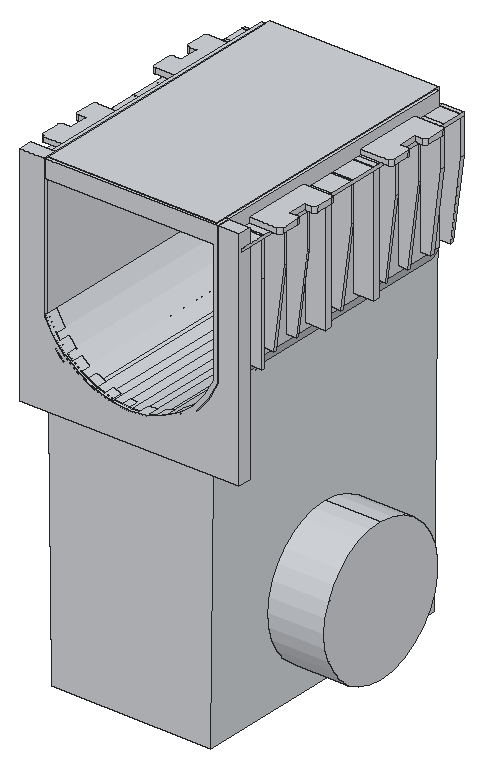
Revit family "SC", category Plumbing Fixtures, Revit 2020
Family settings
  Round Connector Dimension = Use Diameter
  Part Type = Normal
  Work Plane-Based = No
  Always vertical = Yes
  Cut with Voids When Loaded = No
  Shared = No
  Room Calculation Point = No
Parameters
  URL = "www.siouxchief.com"
  Model = "865-TNCB"
  Manufacturer = "Sioux Chief Manufacturing"
  Description = "Half-Meter catch basin"
  Default Elevation = 0' - 0"
Reference planes (in)
  plane 1 "Center (Front/Back)": y = 0
  plane 2: z = 0
  plane 3 "Center (Left/Right)": x = 0
  plane 4: z = 33.5
Forms (in)
  Extrusion 1, solid
    sketch origin (72.72874, -9.845, 92.82175) x (-1, 0, 0) y (0, 0, 1)
      loop
        line (78.43789, -92.82175) -> (78.72874, -69.3094) -> (78.72874, -60.57175) -> (80.48725, -60.57175) -> (80.48725, -60.32175) -> (78.72874, -60.32175) -> (78.72874, -59.32175) -> (66.72874, -59.32175) -> (66.72874, -60.32175) -> (64.97024, -60.32175) -> (64.97024, -60.57175) -> (66.72874, -60.57175) -> (67.11023, -92.82175) -> (78.43789, -92.82175)
    from 0 to 19.7
  Extrusion 2, solid
    sketch origin (18.95376, -10.095, 92.15229) x (-1, 0, 0) y (0, 0, 1)
      loop
        line (11.20376, -58.65229) -> (11.20376, -74.65229) -> (26.70376, -74.65229) -> (26.70376, -58.65229) -> (11.20376, -58.65229)
    from 0 to 1
  Extrusion 3, void
    sketch origin (-19.05518, 11, 92.3846) x (1, 0, 0) y (0, 0, 1)
      loop
        line (25.03955, -60.10335) -> (13.0708, -60.10335) -> (13.0708, -68.78376)
        arc (13.0708, -68.78376) -> (19.05518, -72.78704) -> (25.03955, -68.78376) r 6.47457
        line (25.03955, -68.78376) -> (25.03955, -60.10335)
    from 1.95981 to 22
  Extrusion 4, solid
    sketch origin (109.92399, 29.305, 168.42413) x (1, 0, 0) y (0, 0, 1)
      loop
        line (-116.16852, -134.92413) -> (-116.16852, -144.92413)
        arc (-116.16852, -144.92413) -> (-109.91852, -149.23507) -> (-103.66852, -144.92413) r 6.68609
        line (-103.66852, -144.92413) -> (-103.66852, -134.92413) -> (-103.91852, -134.92413) -> (-103.91852, -144.92413)
        arc (-103.91852, -144.92413) -> (-109.91852, -148.82656) -> (-115.91852, -144.92413) r 6.56373
        line (-115.91852, -144.92413) -> (-115.91852, -134.92413) -> (-116.16852, -134.92413)
    from 19.80701 to 39.4
  Extrusion 5, solid
    sketch origin (-3.74453, -1.875, -0.5) x (1, 0, 0) y (0, 0, 1)
      loop
        line (10, 33) -> (10, 24.5) -> (11.49453, 24.5) -> (11.49453, 33) -> (10, 33)
    from 0 to 0.5
  Extrusion 6, solid
    sketch origin (-3.74453, -7.875, -0.5) x (1, 0, 0) y (0, 0, 1)
      loop
        line (10, 33) -> (10, 24.5) -> (11.49453, 24.5) -> (11.49453, 30.25) -> (11.49453, 33) -> (10, 33)
    from 0 to 0.125
  Extrusion 7, solid
    sketch origin (-3.74453, 2.375, -0.5) x (1, 0, 0) y (0, 0, 1)
      loop
        line (10, 33) -> (10, 24.5) -> (11.49453, 24.5) -> (11.49453, 33) -> (10, 33)
    from 0 to 0.5
  Extrusion 8, solid
    sketch origin (-3.74453, -3.875, -0.5) x (1, 0, 0) y (0, 0, 1)
      loop
        line (10, 33) -> (10, 24.5) -> (10.75, 24.5) -> (11.50304, 30.31566) -> (11.50304, 33) -> (10, 33)
    from 0 to 0.125
  Extrusion 9, solid
    sketch origin (-3.74453, -5.875, -0.5) x (1, 0, 0) y (0, 0, 1)
      loop
        line (10, 33) -> (10, 24.5) -> (10.75, 24.5) -> (11.49453, 30.25) -> (11.49453, 33) -> (10, 33)
    from 0 to 0.125
  Extrusion 10, solid
    sketch origin (-3.74453, 0.0625, -0.5) x (1, 0, 0) y (0, 0, 1)
      loop
        line (10, 33) -> (10, 24.5) -> (10.75, 24.5) -> (11.49453, 30.25) -> (11.49453, 33) -> (10, 33)
    from 0 to 0.125
  Extrusion 11, solid
    sketch origin (-3.74453, 7.875, -0.5) x (1, 0, 0) y (0, 0, -1)
      loop
        line (10, -33) -> (11.49453, -33) -> (11.49453, -30.25) -> (10.75, -24.5) -> (10, -24.5) -> (10, -33)
    from 0 to 0.25
  Extrusion 12, solid
    sketch origin (-3.74453, 3.875, -0.5) x (1, 0, 0) y (0, 0, -1)
      loop
        line (10, -33) -> (11.50304, -33) -> (11.50304, -30.31566) -> (10.75, -24.5) -> (10, -24.5) -> (10, -33)
    from 0 to 0.125
  Extrusion 13, solid
    sketch origin (-3.74453, 5.875, -0.5) x (1, 0, 0) y (0, 0, -1)
      loop
        line (10, -33) -> (11.50304, -33) -> (11.50304, -30.31566) -> (10.75, -24.5) -> (10, -24.5) -> (10, -33)
    from 0 to 0.125
  Extrusion 14, solid
    sketch origin (3.74453, -1.875, -0.5) x (-1, 0, 0) y (0, 0, -1)
      loop
        line (10, -33) -> (11.49453, -33) -> (11.49453, -24.5) -> (10, -24.5) -> (10, -33)
    from 0 to 0.5
  Extrusion 15, solid
    sketch origin (3.74453, -7.875, -0.5) x (-1, 0, 0) y (0, 0, -1)
      loop
        line (10, -33) -> (11.49453, -33) -> (11.49453, -30.25) -> (11.49453, -24.5) -> (10, -24.5) -> (10, -33)
    from 0 to 0.125
  Extrusion 16, solid
    sketch origin (3.74453, 2.375, -0.5) x (-1, 0, 0) y (0, 0, -1)
      loop
        line (10, -33) -> (11.49453, -33) -> (11.49453, -24.5) -> (10, -24.5) -> (10, -33)
    from 0 to 0.5
  Extrusion 17, solid
    sketch origin (3.74453, -3.875, -0.5) x (-1, 0, 0) y (0, 0, -1)
      loop
        line (10, -33) -> (11.50304, -33) -> (11.50304, -30.31566) -> (10.75, -24.5) -> (10, -24.5) -> (10, -33)
    from 0 to 0.125
  Extrusion 18, solid
    sketch origin (3.74453, -5.875, -0.5) x (-1, 0, 0) y (0, 0, -1)
      loop
        line (10, -33) -> (11.49453, -33) -> (11.49453, -30.25) -> (10.75, -24.5) -> (10, -24.5) -> (10, -33)
    from 0 to 0.125
  Extrusion 19, solid
    sketch origin (3.74453, 0.0625, -0.5) x (-1, 0, 0) y (0, 0, -1)
      loop
        line (10, -33) -> (11.49453, -33) -> (11.49453, -30.25) -> (10.75, -24.5) -> (10, -24.5) -> (10, -33)
    from 0 to 0.125
  Extrusion 20, solid
    sketch origin (3.74453, 7.875, -0.5) x (-1, 0, 0) y (0, 0, 1)
      loop
        line (10, 33) -> (10, 24.5) -> (10.75, 24.5) -> (11.49453, 30.25) -> (11.49453, 33) -> (10, 33)
    from 0 to 0.25
  Extrusion 21, solid
    sketch origin (3.74453, 3.875, -0.5) x (-1, 0, 0) y (0, 0, 1)
      loop
        line (10, 33) -> (10, 24.5) -> (10.75, 24.5) -> (11.50304, 30.31566) -> (11.50304, 33) -> (10, 33)
    from 0 to 0.125
  Extrusion 22, solid
    sketch origin (3.74453, 5.875, -0.5) x (-1, 0, 0) y (0, 0, 1)
      loop
        line (10, 33) -> (10, 24.5) -> (10.75, 24.5) -> (11.50304, 30.31566) -> (11.50304, 33) -> (10, 33)
    from 0 to 0.125
  Extrusion 23, solid
    sketch origin (0, -2.5, 32.5) x (1, 0, 0) y (0, 1, 0)
      loop
        line (6.25547, -0.0625) -> (6.25547, -4.8125) -> (8.25547, -4.8125)
        arc (8.25547, -4.8125) -> (8.43224, -4.73928) -> (8.50547, -4.5625) r 0.25
        line (8.50547, -4.5625) -> (8.50547, -3.3125)
        arc (8.50547, -3.3125) -> (8.43224, -3.13572) -> (8.25547, -3.0625) r 0.25
        line (8.25547, -3.0625) -> (7.75547, -3.0625) -> (7.75547, -1.75) -> (8.25547, -1.75)
        arc (8.25547, -1.75) -> (8.43224, -1.67678) -> (8.50547, -1.5) r 0.25
        line (8.50547, -1.5) -> (8.50547, -0.3125)
        arc (8.50547, -0.3125) -> (8.43224, -0.13572) -> (8.25547, -0.0625) r 0.25
        line (8.25547, -0.0625) -> (6.25547, -0.0625)
    from 0 to 0.375
  Extrusion 24, solid
    sketch origin (0, 2.5, 32.5) x (1, 0, 0) y (0, 1, 0)
      loop
        line (6.25547, 0.0625) -> (8.25547, 0.0625)
        arc (8.25547, 0.0625) -> (8.43224, 0.13572) -> (8.50547, 0.3125) r 0.25
        line (8.50547, 0.3125) -> (8.50547, 1.5)
        arc (8.50547, 1.5) -> (8.43224, 1.67678) -> (8.25547, 1.75) r 0.25
        line (8.25547, 1.75) -> (7.75547, 1.75) -> (7.75547, 3.0625) -> (8.25547, 3.0625)
        arc (8.25547, 3.0625) -> (8.43224, 3.13572) -> (8.50547, 3.3125) r 0.25
        line (8.50547, 3.3125) -> (8.50547, 4.5625)
        arc (8.50547, 4.5625) -> (8.43224, 4.73928) -> (8.25547, 4.8125) r 0.25
        line (8.25547, 4.8125) -> (6.25547, 4.8125) -> (6.25547, 0.0625)
    from 0 to 0.375
  Extrusion 25, solid
    sketch origin (0, -2.5, 32.5) x (-1, 0, 0) y (0, -1, 0)
      loop
        line (6.25547, 0.0625) -> (8.25547, 0.0625)
        arc (8.25547, 0.0625) -> (8.43224, 0.13572) -> (8.50547, 0.3125) r 0.25
        line (8.50547, 0.3125) -> (8.50547, 1.5)
        arc (8.50547, 1.5) -> (8.43224, 1.67678) -> (8.25547, 1.75) r 0.25
        line (8.25547, 1.75) -> (7.75547, 1.75) -> (7.75547, 3.0625) -> (8.25547, 3.0625)
        arc (8.25547, 3.0625) -> (8.43224, 3.13572) -> (8.50547, 3.3125) r 0.25
        line (8.50547, 3.3125) -> (8.50547, 4.5625)
        arc (8.50547, 4.5625) -> (8.43224, 4.73928) -> (8.25547, 4.8125) r 0.25
        line (8.25547, 4.8125) -> (6.25547, 4.8125) -> (6.25547, 0.0625)
    from 0 to 0.375
  Extrusion 26, solid
    sketch origin (0, 2.5, 32.5) x (-1, 0, 0) y (0, -1, 0)
      loop
        line (6.25547, -0.0625) -> (6.25547, -4.8125) -> (8.25547, -4.8125)
        arc (8.25547, -4.8125) -> (8.43224, -4.73928) -> (8.50547, -4.5625) r 0.25
        line (8.50547, -4.5625) -> (8.50547, -3.3125)
        arc (8.50547, -3.3125) -> (8.43224, -3.13572) -> (8.25547, -3.0625) r 0.25
        line (8.25547, -3.0625) -> (7.75547, -3.0625) -> (7.75547, -1.75) -> (8.25547, -1.75)
        arc (8.25547, -1.75) -> (8.43224, -1.67678) -> (8.50547, -1.5) r 0.25
        line (8.50547, -1.5) -> (8.50547, -0.3125)
        arc (8.50547, -0.3125) -> (8.43224, -0.13572) -> (8.25547, -0.0625) r 0.25
        line (8.25547, -0.0625) -> (6.25547, -0.0625)
    from 0 to 0.375
  Extrusion 27, solid
    sketch origin (6, -85.72276, -40.34913) x (0, 0, 1) y (0, -1, 0)
      loop
        circle (46.84913, -85.72276) r 5
    from -6 to 3.75
  Extrusion 28, solid
    sketch origin (-3.74453, 9.605, -0.5) x (1, 0, 0) y (0, 0, -1)
      loop
        line (10, -33) -> (11.49453, -33) -> (11.49453, -30.25) -> (10.75, -24.5) -> (10, -24.5) -> (10, -33)
    from 0 to 0.25
  Extrusion 29, solid
    sketch origin (3.74453, 9.605, -0.5) x (-1, 0, 0) y (0, 0, 1)
      loop
        line (10, 33) -> (10, 24.5) -> (10.75, 24.5) -> (11.49453, 30.25) -> (11.49453, 33) -> (10, 33)
    from 0 to 0.25
Cuts and joins
  Extrusion 3 cuts Extrusion 1
  Extrusion 3 cuts Extrusion 2
  Extrusion 3 cuts Extrusion 4
Lines and regions (in)
  model lines
    curve 1: line (-5.17353, 8.67409, 33.5) -> (-5.17353, 8.82591, 33.5)
    curve 2: line (-0.61103, 9.07591, 33.5) -> (-4.92353, 9.07591, 33.5)
    curve 3: line (-0.61103, 8.42409, 33.5) -> (-4.92353, 8.42409, 33.5)
    curve 4: arc (-5.17353, 8.82591, 33.5) -> (-5.1003, 9.00269, 33.5) -> (-4.92353, 9.07591, 33.5) r 0.25
    curve 5: arc (-5.17353, 8.67409, 33.5) -> (-5.1003, 8.49731, 33.5) -> (-4.92353, 8.42409, 33.5) r 0.25
    curve 6: line (-0.36103, 8.67409, 33.5) -> (-0.36103, 8.82591, 33.5)
    curve 7: arc (-0.36103, 8.82591, 33.5) -> (-0.43425, 9.00269, 33.5) -> (-0.61103, 9.07591, 33.5) r 0.25
    curve 8: arc (-0.36103, 8.67409, 33.5) -> (-0.43425, 8.49731, 33.5) -> (-0.61103, 8.42409, 33.5) r 0.25
    curve 9: line (-5.17353, 7.42409, 33.5) -> (-5.17353, 7.57591, 33.5)
    curve 10: line (-0.61103, 7.82591, 33.5) -> (-4.92353, 7.82591, 33.5)
    curve 11: line (-0.61103, 7.17409, 33.5) -> (-4.92353, 7.17409, 33.5)
    curve 12: arc (-5.17353, 7.57591, 33.5) -> (-5.1003, 7.75269, 33.5) -> (-4.92353, 7.82591, 33.5) r 0.25
    curve 13: arc (-5.17353, 7.42409, 33.5) -> (-5.1003, 7.24731, 33.5) -> (-4.92353, 7.17409, 33.5) r 0.25
    curve 14: line (-0.36103, 7.42409, 33.5) -> (-0.36103, 7.57591, 33.5)
    curve 15: arc (-0.36103, 7.57591, 33.5) -> (-0.43425, 7.75269, 33.5) -> (-0.61103, 7.82591, 33.5) r 0.25
    curve 16: arc (-0.36103, 7.42409, 33.5) -> (-0.43425, 7.24731, 33.5) -> (-0.61103, 7.17409, 33.5) r 0.25
    curve 17: line (-5.17353, 6.17409, 33.5) -> (-5.17353, 6.32591, 33.5)
    curve 18: line (-0.61103, 6.57591, 33.5) -> (-4.92353, 6.57591, 33.5)
    curve 19: line (-0.61103, 5.92409, 33.5) -> (-4.92353, 5.92409, 33.5)
    curve 20: arc (-5.17353, 6.32591, 33.5) -> (-5.1003, 6.50269, 33.5) -> (-4.92353, 6.57591, 33.5) r 0.25
    curve 21: arc (-5.17353, 6.17409, 33.5) -> (-5.1003, 5.99731, 33.5) -> (-4.92353, 5.92409, 33.5) r 0.25
    curve 22: line (-0.36103, 6.17409, 33.5) -> (-0.36103, 6.32591, 33.5)
    curve 23: arc (-0.36103, 6.32591, 33.5) -> (-0.43425, 6.50269, 33.5) -> (-0.61103, 6.57591, 33.5) r 0.25
    curve 24: arc (-0.36103, 6.17409, 33.5) -> (-0.43425, 5.99731, 33.5) -> (-0.61103, 5.92409, 33.5) r 0.25
    curve 25: line (-5.17353, 4.92409, 33.5) -> (-5.17353, 5.07591, 33.5)
    curve 26: line (-0.61103, 5.32591, 33.5) -> (-4.92353, 5.32591, 33.5)
    curve 27: line (-0.61103, 4.67409, 33.5) -> (-4.92353, 4.67409, 33.5)
    curve 28: arc (-5.17353, 5.07591, 33.5) -> (-5.1003, 5.25269, 33.5) -> (-4.92353, 5.32591, 33.5) r 0.25
    curve 29: arc (-5.17353, 4.92409, 33.5) -> (-5.1003, 4.74731, 33.5) -> (-4.92353, 4.67409, 33.5) r 0.25
    curve 30: line (-0.36103, 4.92409, 33.5) -> (-0.36103, 5.07591, 33.5)
    curve 31: arc (-0.36103, 5.07591, 33.5) -> (-0.43425, 5.25269, 33.5) -> (-0.61103, 5.32591, 33.5) r 0.25
    curve 32: arc (-0.36103, 4.92409, 33.5) -> (-0.43425, 4.74731, 33.5) -> (-0.61103, 4.67409, 33.5) r 0.25
    curve 33: line (-5.17353, 3.67409, 33.5) -> (-5.17353, 3.82591, 33.5)
    curve 34: line (-0.61103, 4.07591, 33.5) -> (-4.92353, 4.07591, 33.5)
    curve 35: line (-0.61103, 3.42409, 33.5) -> (-4.92353, 3.42409, 33.5)
    curve 36: arc (-5.17353, 3.82591, 33.5) -> (-5.1003, 4.00269, 33.5) -> (-4.92353, 4.07591, 33.5) r 0.25
    curve 37: arc (-5.17353, 3.67409, 33.5) -> (-5.1003, 3.49731, 33.5) -> (-4.92353, 3.42409, 33.5) r 0.25
    curve 38: line (-0.36103, 3.67409, 33.5) -> (-0.36103, 3.82591, 33.5)
    curve 39: arc (-0.36103, 3.82591, 33.5) -> (-0.43425, 4.00269, 33.5) -> (-0.61103, 4.07591, 33.5) r 0.25
    curve 40: arc (-0.36103, 3.67409, 33.5) -> (-0.43425, 3.49731, 33.5) -> (-0.61103, 3.42409, 33.5) r 0.25
    curve 41: line (-5.17353, 2.42409, 33.5) -> (-5.17353, 2.57591, 33.5)
    curve 42: line (-0.61103, 2.82591, 33.5) -> (-4.92353, 2.82591, 33.5)
    curve 43: line (-0.61103, 2.17409, 33.5) -> (-4.92353, 2.17409, 33.5)
    curve 44: arc (-5.17353, 2.57591, 33.5) -> (-5.1003, 2.75269, 33.5) -> (-4.92353, 2.82591, 33.5) r 0.25
    curve 45: arc (-5.17353, 2.42409, 33.5) -> (-5.1003, 2.24731, 33.5) -> (-4.92353, 2.17409, 33.5) r 0.25
    curve 46: line (-0.36103, 2.42409, 33.5) -> (-0.36103, 2.57591, 33.5)
    curve 47: arc (-0.36103, 2.57591, 33.5) -> (-0.43425, 2.75269, 33.5) -> (-0.61103, 2.82591, 33.5) r 0.25
    curve 48: arc (-0.36103, 2.42409, 33.5) -> (-0.43425, 2.24731, 33.5) -> (-0.61103, 2.17409, 33.5) r 0.25
    curve 49: line (-5.17353, 1.17409, 33.5) -> (-5.17353, 1.32591, 33.5)
    curve 50: line (-0.61103, 1.57591, 33.5) -> (-4.92353, 1.57591, 33.5)
    curve 51: line (-0.61103, 0.92409, 33.5) -> (-4.92353, 0.92409, 33.5)
    curve 52: arc (-5.17353, 1.32591, 33.5) -> (-5.1003, 1.50269, 33.5) -> (-4.92353, 1.57591, 33.5) r 0.25
    curve 53: arc (-5.17353, 1.17409, 33.5) -> (-5.1003, 0.99731, 33.5) -> (-4.92353, 0.92409, 33.5) r 0.25
    curve 54: line (-0.36103, 1.17409, 33.5) -> (-0.36103, 1.32591, 33.5)
    curve 55: arc (-0.36103, 1.32591, 33.5) -> (-0.43425, 1.50269, 33.5) -> (-0.61103, 1.57591, 33.5) r 0.25
    curve 56: arc (-0.36103, 1.17409, 33.5) -> (-0.43425, 0.99731, 33.5) -> (-0.61103, 0.92409, 33.5) r 0.25
    curve 57: line (-5.17353, -0.07591, 33.5) -> (-5.17353, 0.07591, 33.5)
    curve 58: line (-0.61103, 0.32591, 33.5) -> (-4.92353, 0.32591, 33.5)
    curve 59: line (-0.61103, -0.32591, 33.5) -> (-4.92353, -0.32591, 33.5)
    curve 60: arc (-5.17353, 0.07591, 33.5) -> (-5.1003, 0.25269, 33.5) -> (-4.92353, 0.32591, 33.5) r 0.25
    curve 61: arc (-5.17353, -0.07591, 33.5) -> (-5.1003, -0.25269, 33.5) -> (-4.92353, -0.32591, 33.5) r 0.25
    curve 62: line (-0.36103, -0.07591, 33.5) -> (-0.36103, 0.07591, 33.5)
    curve 63: arc (-0.36103, 0.07591, 33.5) -> (-0.43425, 0.25269, 33.5) -> (-0.61103, 0.32591, 33.5) r 0.25
    curve 64: arc (-0.36103, -0.07591, 33.5) -> (-0.43425, -0.25269, 33.5) -> (-0.61103, -0.32591, 33.5) r 0.25
    curve 65: line (-5.17353, -1.32591, 33.5) -> (-5.17353, -1.17409, 33.5)
    curve 66: line (-0.61103, -0.92409, 33.5) -> (-4.92353, -0.92409, 33.5)
    curve 67: line (-0.61103, -1.57591, 33.5) -> (-4.92353, -1.57591, 33.5)
    curve 68: arc (-5.17353, -1.17409, 33.5) -> (-5.1003, -0.99731, 33.5) -> (-4.92353, -0.92409, 33.5) r 0.25
    curve 69: arc (-5.17353, -1.32591, 33.5) -> (-5.1003, -1.50269, 33.5) -> (-4.92353, -1.57591, 33.5) r 0.25
    curve 70: line (-0.36103, -1.32591, 33.5) -> (-0.36103, -1.17409, 33.5)
    curve 71: arc (-0.36103, -1.17409, 33.5) -> (-0.43425, -0.99731, 33.5) -> (-0.61103, -0.92409, 33.5) r 0.25
    curve 72: arc (-0.36103, -1.32591, 33.5) -> (-0.43425, -1.50269, 33.5) -> (-0.61103, -1.57591, 33.5) r 0.25
    curve 73: line (-5.17353, -2.57591, 33.5) -> (-5.17353, -2.42409, 33.5)
    curve 74: line (-0.61103, -2.17409, 33.5) -> (-4.92353, -2.17409, 33.5)
    curve 75: line (-0.61103, -2.82591, 33.5) -> (-4.92353, -2.82591, 33.5)
    curve 76: arc (-5.17353, -2.42409, 33.5) -> (-5.1003, -2.24731, 33.5) -> (-4.92353, -2.17409, 33.5) r 0.25
    curve 77: arc (-5.17353, -2.57591, 33.5) -> (-5.1003, -2.75269, 33.5) -> (-4.92353, -2.82591, 33.5) r 0.25
    curve 78: line (-0.36103, -2.57591, 33.5) -> (-0.36103, -2.42409, 33.5)
    curve 79: arc (-0.36103, -2.42409, 33.5) -> (-0.43425, -2.24731, 33.5) -> (-0.61103, -2.17409, 33.5) r 0.25
    curve 80: arc (-0.36103, -2.57591, 33.5) -> (-0.43425, -2.75269, 33.5) -> (-0.61103, -2.82591, 33.5) r 0.25
    curve 81: line (-5.17353, -3.82591, 33.5) -> (-5.17353, -3.67409, 33.5)
    curve 82: line (-0.61103, -3.42409, 33.5) -> (-4.92353, -3.42409, 33.5)
    curve 83: line (-0.61103, -4.07591, 33.5) -> (-4.92353, -4.07591, 33.5)
    curve 84: arc (-5.17353, -3.67409, 33.5) -> (-5.1003, -3.49731, 33.5) -> (-4.92353, -3.42409, 33.5) r 0.25
    curve 85: arc (-5.17353, -3.82591, 33.5) -> (-5.1003, -4.00269, 33.5) -> (-4.92353, -4.07591, 33.5) r 0.25
    curve 86: line (-0.36103, -3.82591, 33.5) -> (-0.36103, -3.67409, 33.5)
    curve 87: arc (-0.36103, -3.67409, 33.5) -> (-0.43425, -3.49731, 33.5) -> (-0.61103, -3.42409, 33.5) r 0.25
    curve 88: arc (-0.36103, -3.82591, 33.5) -> (-0.43425, -4.00269, 33.5) -> (-0.61103, -4.07591, 33.5) r 0.25
    curve 89: line (-5.17353, -5.07591, 33.5) -> (-5.17353, -4.92409, 33.5)
    curve 90: line (-0.61103, -4.67409, 33.5) -> (-4.92353, -4.67409, 33.5)
    curve 91: line (-0.61103, -5.32591, 33.5) -> (-4.92353, -5.32591, 33.5)
    curve 92: arc (-5.17353, -4.92409, 33.5) -> (-5.1003, -4.74731, 33.5) -> (-4.92353, -4.67409, 33.5) r 0.25
    curve 93: arc (-5.17353, -5.07591, 33.5) -> (-5.1003, -5.25269, 33.5) -> (-4.92353, -5.32591, 33.5) r 0.25
    curve 94: line (-0.36103, -5.07591, 33.5) -> (-0.36103, -4.92409, 33.5)
    curve 95: arc (-0.36103, -4.92409, 33.5) -> (-0.43425, -4.74731, 33.5) -> (-0.61103, -4.67409, 33.5) r 0.25
    curve 96: arc (-0.36103, -5.07591, 33.5) -> (-0.43425, -5.25269, 33.5) -> (-0.61103, -5.32591, 33.5) r 0.25
    curve 97: line (-5.17353, -6.32591, 33.5) -> (-5.17353, -6.17409, 33.5)
    curve 98: line (-0.61103, -5.92409, 33.5) -> (-4.92353, -5.92409, 33.5)
    curve 99: line (-0.61103, -6.57591, 33.5) -> (-4.92353, -6.57591, 33.5)
    curve 100: arc (-5.17353, -6.17409, 33.5) -> (-5.1003, -5.99731, 33.5) -> (-4.92353, -5.92409, 33.5) r 0.25
    curve 101: arc (-5.17353, -6.32591, 33.5) -> (-5.1003, -6.50269, 33.5) -> (-4.92353, -6.57591, 33.5) r 0.25
    curve 102: line (-0.36103, -6.32591, 33.5) -> (-0.36103, -6.17409, 33.5)
    curve 103: arc (-0.36103, -6.17409, 33.5) -> (-0.43425, -5.99731, 33.5) -> (-0.61103, -5.92409, 33.5) r 0.25
    curve 104: arc (-0.36103, -6.32591, 33.5) -> (-0.43425, -6.50269, 33.5) -> (-0.61103, -6.57591, 33.5) r 0.25
    curve 105: line (-5.17353, -7.57591, 33.5) -> (-5.17353, -7.42409, 33.5)
    curve 106: line (-0.61103, -7.17409, 33.5) -> (-4.92353, -7.17409, 33.5)
    curve 107: line (-0.61103, -7.82591, 33.5) -> (-4.92353, -7.82591, 33.5)
    curve 108: arc (-5.17353, -7.42409, 33.5) -> (-5.1003, -7.24731, 33.5) -> (-4.92353, -7.17409, 33.5) r 0.25
    curve 109: arc (-5.17353, -7.57591, 33.5) -> (-5.1003, -7.75269, 33.5) -> (-4.92353, -7.82591, 33.5) r 0.25
    curve 110: line (-0.36103, -7.57591, 33.5) -> (-0.36103, -7.42409, 33.5)
    curve 111: arc (-0.36103, -7.42409, 33.5) -> (-0.43425, -7.24731, 33.5) -> (-0.61103, -7.17409, 33.5) r 0.25
    curve 112: arc (-0.36103, -7.57591, 33.5) -> (-0.43425, -7.75269, 33.5) -> (-0.61103, -7.82591, 33.5) r 0.25
    curve 113: line (-5.17353, -8.82591, 33.5) -> (-5.17353, -8.67409, 33.5)
    curve 114: line (-0.61103, -8.42409, 33.5) -> (-4.92353, -8.42409, 33.5)
    curve 115: line (-0.61103, -9.07591, 33.5) -> (-4.92353, -9.07591, 33.5)
    curve 116: arc (-5.17353, -8.67409, 33.5) -> (-5.1003, -8.49731, 33.5) -> (-4.92353, -8.42409, 33.5) r 0.25
    curve 117: arc (-5.17353, -8.82591, 33.5) -> (-5.1003, -9.00269, 33.5) -> (-4.92353, -9.07591, 33.5) r 0.25
    curve 118: line (-0.36103, -8.82591, 33.5) -> (-0.36103, -8.67409, 33.5)
    curve 119: arc (-0.36103, -8.67409, 33.5) -> (-0.43425, -8.49731, 33.5) -> (-0.61103, -8.42409, 33.5) r 0.25
    curve 120: arc (-0.36103, -8.82591, 33.5) -> (-0.43425, -9.00269, 33.5) -> (-0.61103, -9.07591, 33.5) r 0.25
    curve 121: line (5.17353, 8.67409, 33.5) -> (5.17353, 8.82591, 33.5)
    curve 122: line (0.61103, 9.07591, 33.5) -> (4.92353, 9.07591, 33.5)
    curve 123: line (0.61103, 8.42409, 33.5) -> (4.92353, 8.42409, 33.5)
    curve 124: arc (5.17353, 8.82591, 33.5) -> (5.1003, 9.00269, 33.5) -> (4.92353, 9.07591, 33.5) r 0.25
    curve 125: arc (5.17353, 8.67409, 33.5) -> (5.1003, 8.49731, 33.5) -> (4.92353, 8.42409, 33.5) r 0.25
    curve 126: line (0.36103, 8.67409, 33.5) -> (0.36103, 8.82591, 33.5)
    curve 127: arc (0.36103, 8.82591, 33.5) -> (0.43425, 9.00269, 33.5) -> (0.61103, 9.07591, 33.5) r 0.25
    curve 128: arc (0.36103, 8.67409, 33.5) -> (0.43425, 8.49731, 33.5) -> (0.61103, 8.42409, 33.5) r 0.25
    curve 129: line (5.17353, 7.42409, 33.5) -> (5.17353, 7.57591, 33.5)
    curve 130: line (0.61103, 7.82591, 33.5) -> (4.92353, 7.82591, 33.5)
    curve 131: line (0.61103, 7.17409, 33.5) -> (4.92353, 7.17409, 33.5)
    curve 132: arc (5.17353, 7.57591, 33.5) -> (5.1003, 7.75269, 33.5) -> (4.92353, 7.82591, 33.5) r 0.25
    curve 133: arc (5.17353, 7.42409, 33.5) -> (5.1003, 7.24731, 33.5) -> (4.92353, 7.17409, 33.5) r 0.25
    curve 134: line (0.36103, 7.42409, 33.5) -> (0.36103, 7.57591, 33.5)
    curve 135: arc (0.36103, 7.57591, 33.5) -> (0.43425, 7.75269, 33.5) -> (0.61103, 7.82591, 33.5) r 0.25
    curve 136: arc (0.36103, 7.42409, 33.5) -> (0.43425, 7.24731, 33.5) -> (0.61103, 7.17409, 33.5) r 0.25
    curve 137: line (5.17353, 6.17409, 33.5) -> (5.17353, 6.32591, 33.5)
    curve 138: line (0.61103, 6.57591, 33.5) -> (4.92353, 6.57591, 33.5)
    curve 139: line (0.61103, 5.92409, 33.5) -> (4.92353, 5.92409, 33.5)
    curve 140: arc (5.17353, 6.32591, 33.5) -> (5.1003, 6.50269, 33.5) -> (4.92353, 6.57591, 33.5) r 0.25
    curve 141: arc (5.17353, 6.17409, 33.5) -> (5.1003, 5.99731, 33.5) -> (4.92353, 5.92409, 33.5) r 0.25
    curve 142: line (0.36103, 6.17409, 33.5) -> (0.36103, 6.32591, 33.5)
    curve 143: arc (0.36103, 6.32591, 33.5) -> (0.43425, 6.50269, 33.5) -> (0.61103, 6.57591, 33.5) r 0.25
    curve 144: arc (0.36103, 6.17409, 33.5) -> (0.43425, 5.99731, 33.5) -> (0.61103, 5.92409, 33.5) r 0.25
    curve 145: line (5.17353, 4.92409, 33.5) -> (5.17353, 5.07591, 33.5)
    curve 146: line (0.61103, 5.32591, 33.5) -> (4.92353, 5.32591, 33.5)
    curve 147: line (0.61103, 4.67409, 33.5) -> (4.92353, 4.67409, 33.5)
    curve 148: arc (5.17353, 5.07591, 33.5) -> (5.1003, 5.25269, 33.5) -> (4.92353, 5.32591, 33.5) r 0.25
    curve 149: arc (5.17353, 4.92409, 33.5) -> (5.1003, 4.74731, 33.5) -> (4.92353, 4.67409, 33.5) r 0.25
    curve 150: line (0.36103, 4.92409, 33.5) -> (0.36103, 5.07591, 33.5)
    curve 151: arc (0.36103, 5.07591, 33.5) -> (0.43425, 5.25269, 33.5) -> (0.61103, 5.32591, 33.5) r 0.25
    curve 152: arc (0.36103, 4.92409, 33.5) -> (0.43425, 4.74731, 33.5) -> (0.61103, 4.67409, 33.5) r 0.25
    curve 153: line (5.17353, 3.67409, 33.5) -> (5.17353, 3.82591, 33.5)
    curve 154: line (0.61103, 4.07591, 33.5) -> (4.92353, 4.07591, 33.5)
    curve 155: line (0.61103, 3.42409, 33.5) -> (4.92353, 3.42409, 33.5)
    curve 156: arc (5.17353, 3.82591, 33.5) -> (5.1003, 4.00269, 33.5) -> (4.92353, 4.07591, 33.5) r 0.25
    curve 157: arc (5.17353, 3.67409, 33.5) -> (5.1003, 3.49731, 33.5) -> (4.92353, 3.42409, 33.5) r 0.25
    curve 158: line (0.36103, 3.67409, 33.5) -> (0.36103, 3.82591, 33.5)
    curve 159: arc (0.36103, 3.82591, 33.5) -> (0.43425, 4.00269, 33.5) -> (0.61103, 4.07591, 33.5) r 0.25
    curve 160: arc (0.36103, 3.67409, 33.5) -> (0.43425, 3.49731, 33.5) -> (0.61103, 3.42409, 33.5) r 0.25
    curve 161: line (5.17353, 2.42409, 33.5) -> (5.17353, 2.57591, 33.5)
    curve 162: line (0.61103, 2.82591, 33.5) -> (4.92353, 2.82591, 33.5)
    curve 163: line (0.61103, 2.17409, 33.5) -> (4.92353, 2.17409, 33.5)
    curve 164: arc (5.17353, 2.57591, 33.5) -> (5.1003, 2.75269, 33.5) -> (4.92353, 2.82591, 33.5) r 0.25
    curve 165: arc (5.17353, 2.42409, 33.5) -> (5.1003, 2.24731, 33.5) -> (4.92353, 2.17409, 33.5) r 0.25
    curve 166: line (0.36103, 2.42409, 33.5) -> (0.36103, 2.57591, 33.5)
    curve 167: arc (0.36103, 2.57591, 33.5) -> (0.43425, 2.75269, 33.5) -> (0.61103, 2.82591, 33.5) r 0.25
    curve 168: arc (0.36103, 2.42409, 33.5) -> (0.43425, 2.24731, 33.5) -> (0.61103, 2.17409, 33.5) r 0.25
    curve 169: line (5.17353, 1.17409, 33.5) -> (5.17353, 1.32591, 33.5)
    curve 170: line (0.61103, 1.57591, 33.5) -> (4.92353, 1.57591, 33.5)
    curve 171: line (0.61103, 0.92409, 33.5) -> (4.92353, 0.92409, 33.5)
    curve 172: arc (5.17353, 1.32591, 33.5) -> (5.1003, 1.50269, 33.5) -> (4.92353, 1.57591, 33.5) r 0.25
    curve 173: arc (5.17353, 1.17409, 33.5) -> (5.1003, 0.99731, 33.5) -> (4.92353, 0.92409, 33.5) r 0.25
    curve 174: line (0.36103, 1.17409, 33.5) -> (0.36103, 1.32591, 33.5)
    curve 175: arc (0.36103, 1.32591, 33.5) -> (0.43425, 1.50269, 33.5) -> (0.61103, 1.57591, 33.5) r 0.25
    curve 176: arc (0.36103, 1.17409, 33.5) -> (0.43425, 0.99731, 33.5) -> (0.61103, 0.92409, 33.5) r 0.25
    curve 177: line (5.17353, -0.07591, 33.5) -> (5.17353, 0.07591, 33.5)
    curve 178: line (0.61103, 0.32591, 33.5) -> (4.92353, 0.32591, 33.5)
    curve 179: line (0.61103, -0.32591, 33.5) -> (4.92353, -0.32591, 33.5)
    curve 180: arc (5.17353, 0.07591, 33.5) -> (5.1003, 0.25269, 33.5) -> (4.92353, 0.32591, 33.5) r 0.25
    curve 181: arc (5.17353, -0.07591, 33.5) -> (5.1003, -0.25269, 33.5) -> (4.92353, -0.32591, 33.5) r 0.25
    curve 182: line (0.36103, -0.07591, 33.5) -> (0.36103, 0.07591, 33.5)
    curve 183: arc (0.36103, 0.07591, 33.5) -> (0.43425, 0.25269, 33.5) -> (0.61103, 0.32591, 33.5) r 0.25
    curve 184: arc (0.36103, -0.07591, 33.5) -> (0.43425, -0.25269, 33.5) -> (0.61103, -0.32591, 33.5) r 0.25
    curve 185: line (5.17353, -1.32591, 33.5) -> (5.17353, -1.17409, 33.5)
    curve 186: line (0.61103, -0.92409, 33.5) -> (4.92353, -0.92409, 33.5)
    curve 187: line (0.61103, -1.57591, 33.5) -> (4.92353, -1.57591, 33.5)
    curve 188: arc (5.17353, -1.17409, 33.5) -> (5.1003, -0.99731, 33.5) -> (4.92353, -0.92409, 33.5) r 0.25
    curve 189: arc (5.17353, -1.32591, 33.5) -> (5.1003, -1.50269, 33.5) -> (4.92353, -1.57591, 33.5) r 0.25
    curve 190: line (0.36103, -1.32591, 33.5) -> (0.36103, -1.17409, 33.5)
    curve 191: arc (0.36103, -1.17409, 33.5) -> (0.43425, -0.99731, 33.5) -> (0.61103, -0.92409, 33.5) r 0.25
    curve 192: arc (0.36103, -1.32591, 33.5) -> (0.43425, -1.50269, 33.5) -> (0.61103, -1.57591, 33.5) r 0.25
    curve 193: line (5.17353, -2.57591, 33.5) -> (5.17353, -2.42409, 33.5)
    curve 194: line (0.61103, -2.17409, 33.5) -> (4.92353, -2.17409, 33.5)
    curve 195: line (0.61103, -2.82591, 33.5) -> (4.92353, -2.82591, 33.5)
    curve 196: arc (5.17353, -2.42409, 33.5) -> (5.1003, -2.24731, 33.5) -> (4.92353, -2.17409, 33.5) r 0.25
    curve 197: arc (5.17353, -2.57591, 33.5) -> (5.1003, -2.75269, 33.5) -> (4.92353, -2.82591, 33.5) r 0.25
    curve 198: line (0.36103, -2.57591, 33.5) -> (0.36103, -2.42409, 33.5)
    curve 199: arc (0.36103, -2.42409, 33.5) -> (0.43425, -2.24731, 33.5) -> (0.61103, -2.17409, 33.5) r 0.25
    curve 200: arc (0.36103, -2.57591, 33.5) -> (0.43425, -2.75269, 33.5) -> (0.61103, -2.82591, 33.5) r 0.25
    curve 201: line (5.17353, -3.82591, 33.5) -> (5.17353, -3.67409, 33.5)
    curve 202: line (0.61103, -3.42409, 33.5) -> (4.92353, -3.42409, 33.5)
    curve 203: line (0.61103, -4.07591, 33.5) -> (4.92353, -4.07591, 33.5)
    curve 204: arc (5.17353, -3.67409, 33.5) -> (5.1003, -3.49731, 33.5) -> (4.92353, -3.42409, 33.5) r 0.25
    curve 205: arc (5.17353, -3.82591, 33.5) -> (5.1003, -4.00269, 33.5) -> (4.92353, -4.07591, 33.5) r 0.25
    curve 206: line (0.36103, -3.82591, 33.5) -> (0.36103, -3.67409, 33.5)
    curve 207: arc (0.36103, -3.67409, 33.5) -> (0.43425, -3.49731, 33.5) -> (0.61103, -3.42409, 33.5) r 0.25
    curve 208: arc (0.36103, -3.82591, 33.5) -> (0.43425, -4.00269, 33.5) -> (0.61103, -4.07591, 33.5) r 0.25
    curve 209: line (5.17353, -5.07591, 33.5) -> (5.17353, -4.92409, 33.5)
    curve 210: line (0.61103, -4.67409, 33.5) -> (4.92353, -4.67409, 33.5)
    curve 211: line (0.61103, -5.32591, 33.5) -> (4.92353, -5.32591, 33.5)
    curve 212: arc (5.17353, -4.92409, 33.5) -> (5.1003, -4.74731, 33.5) -> (4.92353, -4.67409, 33.5) r 0.25
    curve 213: arc (5.17353, -5.07591, 33.5) -> (5.1003, -5.25269, 33.5) -> (4.92353, -5.32591, 33.5) r 0.25
    curve 214: line (0.36103, -5.07591, 33.5) -> (0.36103, -4.92409, 33.5)
    curve 215: arc (0.36103, -4.92409, 33.5) -> (0.43425, -4.74731, 33.5) -> (0.61103, -4.67409, 33.5) r 0.25
    curve 216: arc (0.36103, -5.07591, 33.5) -> (0.43425, -5.25269, 33.5) -> (0.61103, -5.32591, 33.5) r 0.25
    curve 217: line (5.17353, -6.32591, 33.5) -> (5.17353, -6.17409, 33.5)
    curve 218: line (0.61103, -5.92409, 33.5) -> (4.92353, -5.92409, 33.5)
    curve 219: line (0.61103, -6.57591, 33.5) -> (4.92353, -6.57591, 33.5)
    curve 220: arc (5.17353, -6.17409, 33.5) -> (5.1003, -5.99731, 33.5) -> (4.92353, -5.92409, 33.5) r 0.25
    curve 221: arc (5.17353, -6.32591, 33.5) -> (5.1003, -6.50269, 33.5) -> (4.92353, -6.57591, 33.5) r 0.25
    curve 222: line (0.36103, -6.32591, 33.5) -> (0.36103, -6.17409, 33.5)
    curve 223: arc (0.36103, -6.17409, 33.5) -> (0.43425, -5.99731, 33.5) -> (0.61103, -5.92409, 33.5) r 0.25
    curve 224: arc (0.36103, -6.32591, 33.5) -> (0.43425, -6.50269, 33.5) -> (0.61103, -6.57591, 33.5) r 0.25
    curve 225: line (5.17353, -7.57591, 33.5) -> (5.17353, -7.42409, 33.5)
    curve 226: line (0.61103, -7.17409, 33.5) -> (4.92353, -7.17409, 33.5)
    curve 227: line (0.61103, -7.82591, 33.5) -> (4.92353, -7.82591, 33.5)
    curve 228: arc (5.17353, -7.42409, 33.5) -> (5.1003, -7.24731, 33.5) -> (4.92353, -7.17409, 33.5) r 0.25
    curve 229: arc (5.17353, -7.57591, 33.5) -> (5.1003, -7.75269, 33.5) -> (4.92353, -7.82591, 33.5) r 0.25
    curve 230: line (0.36103, -7.57591, 33.5) -> (0.36103, -7.42409, 33.5)
    curve 231: arc (0.36103, -7.42409, 33.5) -> (0.43425, -7.24731, 33.5) -> (0.61103, -7.17409, 33.5) r 0.25
    curve 232: arc (0.36103, -7.57591, 33.5) -> (0.43425, -7.75269, 33.5) -> (0.61103, -7.82591, 33.5) r 0.25
    curve 233: line (5.17353, -8.82591, 33.5) -> (5.17353, -8.67409, 33.5)
    curve 234: line (0.61103, -8.42409, 33.5) -> (4.92353, -8.42409, 33.5)
    curve 235: line (0.61103, -9.07591, 33.5) -> (4.92353, -9.07591, 33.5)
    curve 236: arc (5.17353, -8.67409, 33.5) -> (5.1003, -8.49731, 33.5) -> (4.92353, -8.42409, 33.5) r 0.25
    curve 237: arc (5.17353, -8.82591, 33.5) -> (5.1003, -9.00269, 33.5) -> (4.92353, -9.07591, 33.5) r 0.25
    curve 238: line (0.36103, -8.82591, 33.5) -> (0.36103, -8.67409, 33.5)
    curve 239: arc (0.36103, -8.67409, 33.5) -> (0.43425, -8.49731, 33.5) -> (0.61103, -8.42409, 33.5) r 0.25
    curve 240: arc (0.36103, -8.82591, 33.5) -> (0.43425, -9.00269, 33.5) -> (0.61103, -9.07591, 33.5) r 0.25
Dimensions and locks (in)
  aligned and locked: plane 2 to level
  aligned and locked: Extrusion 1 to level
Connectors (in)
  piping at (9.75, 0, 6.5), diameter 10
    settings: on Extrusion 27, index 1, connector inside diameter 24", connector length 0' - 0", flow factor 0, pipe flow 0 GPM, pressure drop 0.00 psi, fitting loss kfactor 0, connector angle 0.00°, fixture units 0, engagement length 0' - 0", angle of deflection 0.00°, flow configuration 0, flow direction 2, fitting loss method 0, system type 22, joint type 0, gender type 0, connector reference index -1, connector utility 0, adjustable connector no, is connector primary yes, connector description ""
